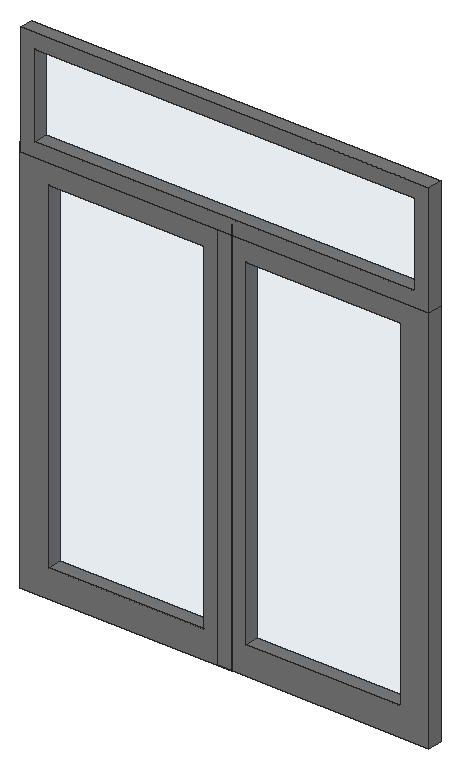
Revit family "interal_ST70_ID_IOD_DOOR_03", category Doors, host Wall, Revit 2020
Family settings
  Host = Wall
  OmniClass Number = 23.30.10.00
  OmniClass Title = Doors
  Always vertical = Yes
  Cut with Voids When Loaded = No
  Shared = No
  Room Calculation Point = No
Parameters
  Widht/2 [instance] = 1000 mm
  Widht/1 [instance] = 1000 mm
  Weight (kg) = 0
  Water Thightness (Shielded) = "9A"
  Water Thightness (Non Shielded) = "9A"
  U Value = 0.0000 W/(m²·K)
  Thermal Transmittance = "2.1"
  System Type = "Aluminium Doors"
  System = "ST70"  # constant formula
  Supplier = "Cuhadaroglu"  # constant formula
  Resistance repeated opening and closing = ""
  Outside Color Hex = ""
  Outside Color Description = ""
  Offer Price = 0
  Model = "ST70"  # constant formula
  Manufacturer = "interal"  # constant formula
  Inside Color Hex = ""
  Inside Color Description = ""
  Height2 [instance] = 503.022 mm
  Height/1 [instance] = 1955.008 mm
  Glass Price = 0
  Function = Interior
  Frame Projection Ext. = 25 mm
  Frame Projection Int. = 25 mm
  Frame Width = 75 mm
  Height = 2000 mm
  Wall Closure = By host
  Width = 1000 mm
  Drainage Type = ""
  Drainage Mullion Type = ""
  Dangerous Substances = ""
  Airborne Sound Insulation Ctr = ""
  Air Permability = "Class 4"
Reference planes
  plane 1: y = 0
  plane 2 "Center (Left/Right)": x = -495.692
  plane 3 "Exterior": y = 75
  plane 4 "Interior": y = -75
  plane 5: z = 41.97
  plane 6 "32": x = -995.692
  plane 7 "33": x = -858.233
  plane 8: z = 180.3
  plane 9: z = 2500
  plane 10: z = 2500
  plane 11 "34": x = 40.538
  plane 12 "38": x = -97.792
  plane 13 "39": x = 106.54
  plane 14 "40": x = -31.789
  plane 15 "41": x = 4.308
  plane 16 "42": x = 548.035
  plane 17: z = 950.309
  plane 18: z = 2428.998
  plane 19: z = 2023.14
  plane 20: z = 1996.978
  plane 21: z = 1952.138
  plane 22: z = 1858.649
  plane 23 "44": x = 865.978
  plane 24 "45": x = 1004.308
Forms (mm)
  Sweep 1, solid, material "Interal_AL"
    path origin (-3543.92, 75, 19.724) x (1, 0, 0) y (0, 0, 1)
      loop
        line (3561.864, 1954.66) -> (2569.952, 1954.66) -> (2569.952, 44.84) -> (3561.864, 44.84) -> (3561.864, 1954.66)
    profile origin (-478.012, 75, 1974.384) x (0, 0, -1) y (0, -1, 0)
      loop
        line (115.736, 53.023) -> (115.736, 121.923) -> (-22.594, 121.923) -> (-22.594, 53.023) -> (115.736, 53.023)
  Sweep 2, solid, material "Interal_AL"
    path origin (199.598, 75, 95.268) x (1, 0, 0) y (0, 0, 1)
      loop
        line (984.584, 2584.607) -> (-1375.165, 2584.607) -> (-1375.165, 1676.996) -> (984.584, 1676.996) -> (984.584, 2584.607)
    profile origin (4.308, 75, 2679.874) x (0, 0, -1) y (0, -1, 0)
      loop
        line (179.874, 53.023) -> (250.877, 53.023) -> (250.877, 121.923) -> (179.874, 121.923) -> (179.874, 53.023)
  Extrusion 3, solid, material "Interal_GL"
    sketch origin (0, 4, 0) x (1, 0, 0) y (0, 1, 0)
      loop
        line (-874.092, 10.977) -> (-874.092, -13.023) -> (-79.792, -13.023) -> (-79.792, 10.977) -> (-874.092, 10.977)
    from 165.17 to 1876.378
  Extrusion 4, solid, material "Interal_GL"
    sketch origin (96.069, 4, 0) x (-1, 0, 0) y (0, -1, 0)
      loop
        line (-830.365, -10.977) -> (7.661, -10.977) -> (7.661, 13.023) -> (-830.365, 13.023) -> (-830.365, -10.977)
    from 165.17 to 1876.378
  Extrusion 5, solid, material "Interal_GL"
    sketch origin (96.069, 0, 1023.1) x (-1, 0, 0) y (0, -1, 0)
      loop
        line (-888.239, -14.977) -> (1070.345, -14.977) -> (1070.345, 9.023) -> (-888.239, 9.023) -> (-888.239, -14.977)
    from 984.878 to 1423.9
  Sweep 6, solid, material "Interal_AL"
    path origin (3595.282, 75, 19.724) x (-1, 0, 0) y (0, 0, 1)
      loop
        line (3649.317, 1999.501) -> (2568.727, 1999.501) -> (2568.727, 0) -> (3649.317, 0) -> (3649.317, 1999.501)
    profile origin (486.259, 75, 2019.225) x (0, 0, 1) y (0, -1, 0)
      loop
        line (-160.576, 53.023) -> (-22.246, 53.023) -> (-22.246, 121.923) -> (-160.576, 121.923) -> (-160.576, 53.023)
Lines and regions (mm)
  Opening 1
    outline origin (-3052.204, -75, 0) x (1, 0, 0) y (0, 0, 1)
      loop
        line (2056.512, 0) -> (4056.512, 0) -> (4056.512, 2500) -> (2056.512, 2500) -> (2056.512, 0)
  symbolic lines, style "DoorsHiddenLines", not visible
    curve 1: line (40.03, -75, 1000) -> (787.906, -75, 1860.4)
    curve 2: line (40.03, -75, 1000) -> (787.906, -75, 139.6)
    curve 3: line (-148.219, -75, 1000) -> (-896.094, -75, 1860.4)
    curve 4: line (-148.219, -75, 1000) -> (-896.094, -75, 139.6)
  model lines, style "DoorsHiddenLines"
    curve 5: line (909.705, 75, 1903.489) -> (106.54, 75, 950.309)
    curve 6: line (106.54, 75, 950.309) -> (909.705, 75, 180.3)
    curve 7: line (-858.233, 75, 1903.489) -> (-97.792, 75, 950.309)
    curve 8: line (-97.792, 75, 950.309) -> (-858.233, 75, 180.3)
Text (mm)
  text "Exterior" at (-2295.016, 1099.543, 0), in view "Ref. Level"
  text "Exterior" at (0, 1615.38, 3698.081), in view "Left"
  text "Exterior" at (0, 1036.032, 3874.932), in view "Right"
Dimensions and locks
  plane 3 "Exterior" to host wall = 0 mm
  locked: plane 4 "Interior" to host wall
  locked: plane 5 to plane 8 at 138.33
  locked: plane 6 "32" to plane 7 "33" at 137.459
  "Widht/1": plane 6 "32" to plane 15 "41"
  equal spacing: plane 6 "32", plane 2 "Center (Left/Right)", plane 15 "41"
  plane 15 "41" to plane 16 "42" = 543.727 mm
  locked: plane 14 "40" to plane 15 "41" at 36.097
  locked: plane 15 "41" to plane 11 "34" at 36.23
  locked: plane 12 "38" to plane 15 "41" at 102.1
  locked: plane 15 "41" to plane 13 "39" at 102.232
  locked: plane 18 to plane 10 at 71.002
  locked: plane 6 "32" to Extrusion 3 at 121.6  (x2)
  locked: Extrusion 3 to plane 15 "41" at 84.1  (x2)
  plane 5 to Extrusion 3 = 123.2 mm
  locked: plane 15 "41" to Extrusion 4 at 84.1
  locked: plane 6 "32" to Extrusion 5 at 21.417
  locked: plane 20 to plane 19 at 26.162
  locked: plane 21 to plane 20 at 44.84
  locked: plane 22 to plane 20 at 138.33
  "Height2": plane 20 to plane 10
  "Height/1": plane 5 to plane 20
  locked: plane 10 to Extrusion 5 at 53
  locked: plane 20 to Extrusion 5 at 11
  locked: plane 5 to Extrusion 4 at 123.2
  locked: plane 20 to Extrusion 3 at 120.6
  "Widht/2": plane 15 "41" to plane 24 "45"
  aligned and locked: Opening 1 sketch curve to level
  aligned and locked: plane 1 to host wall
  aligned and locked: plane 6 "32" to Sweep 2
  aligned and locked: plane 5 to Sweep 1
  aligned and locked: plane 8 to Sweep 1  (x2)
  aligned and locked: Sweep 2 to plane 10
  aligned and locked: plane 6 "32" to host wall
  aligned and locked: Sweep 1 to curve 8
  aligned and locked: Sweep 1 to curve 7
  aligned and locked: plane 13 "39" to curve 6
  aligned and locked: plane 18 to Sweep 2
  aligned and locked: Sweep 1 to plane 5
  aligned and locked: plane 7 "33" to Sweep 1
  aligned and locked: plane 12 "38" to Sweep 1
  aligned and locked: Sweep 1 to plane 11 "34"
  aligned and locked: plane 5 to host wall
  aligned and locked: plane 9 to plane 10
  aligned and locked: nested 1 to plane 6 "32"
  aligned and locked: plane 5 to nested 2
  aligned and locked: plane 19 to Sweep 2  (x3)
  aligned and locked: Sweep 1 to plane 20
  aligned and locked: plane 22 to Sweep 6
  aligned and locked: plane 22 to Sweep 1
  aligned and locked: plane 21 to Sweep 2
  aligned and locked: Sweep 2 to plane 21
  aligned and locked: Sweep 6 to plane 20  (x2)
  aligned and locked: plane 8 to Sweep 6
  aligned and locked: plane 5 to Sweep 6  (x2)
  aligned and locked: Extrusion 3 to Extrusion 4
  aligned and locked: plane 23 "44" to Sweep 6
  aligned and locked: host wall to plane 24 "45"
  aligned and locked: plane 24 "45" to Sweep 6
  aligned and locked: Sweep 6 to plane 13 "39"
  aligned and locked: plane 14 "40" to Sweep 6
  aligned and locked: plane 13 "39" to Sweep 6
Automatic sketch dimensions
  plane 6 "32" to Opening 1 sketch curve = 0 mm
  Opening 1 sketch curve to plane 9 = 0 mm
  plane 12 "38" to curve 8 = 0 mm
  curve 6 to plane 8 = 0 mm
  curve 8 to plane 8 = 0 mm
  curve 6 to plane 17 = 0 mm
  curve 8 to plane 17 = 0 mm
  Sweep 1 sketch curve to plane 6 "32" = 21.724 mm
  Sweep 1 sketch curve to plane 15 "41" = 13.636 mm
  level to Sweep 1 sketch curve = 64.564 mm
  profile plane to Sweep 1 sketch curve = 22.594 mm
  Sweep 1 sketch curve to profile plane = 115.736 mm
  plane 3 "Exterior" to Sweep 1 sketch curve = 53.023 mm
  Sweep 1 sketch curve to Sweep 1 sketch curve = 68.9 mm
  plane 6 "32" to Sweep 2 sketch curve = 179.874 mm
  Sweep 2 sketch curve to plane 9 = 179.874 mm
  Sweep 2 sketch curve to profile plane = 179.874 mm
  Sweep 2 sketch curve to Sweep 2 sketch curve = 71.002 mm
  plane 3 "Exterior" to Sweep 2 sketch curve = 53.023 mm
  Sweep 2 sketch curve to Sweep 2 sketch curve = 68.9 mm
  plane 7 "33" to Extrusion 3 sketch curve = 15.859 mm
  Extrusion 3 sketch curve to plane 12 "38" = 18 mm
  host wall to Extrusion 3 sketch curve = 9.023 mm
  Extrusion 3 sketch curve to host wall = 14.977 mm
  Extrusion 4 sketch curve to plane 13 "39" = 18.132 mm
  Extrusion 4 sketch curve to host wall = 9.023 mm
  host wall to Extrusion 4 sketch curve = 14.977 mm
  Extrusion 5 sketch curve to host wall = 9.023 mm
  plane 6 "32" to Extrusion 5 sketch curve = 21.417 mm
  host wall to Extrusion 5 sketch curve = 14.977 mm
  Sweep 6 sketch curve to plane 15 "41" = 58.344 mm
  Sweep 6 sketch curve to level = 19.724 mm
  profile plane to Sweep 6 sketch curve = 160.576 mm
  profile plane to Sweep 6 sketch curve = 22.246 mm
  plane 3 "Exterior" to Sweep 6 sketch curve = 53.023 mm
  Sweep 6 sketch curve to Sweep 6 sketch curve = 68.9 mm
  plane 20 to curve 7 = 93.489 mm
  plane 20 to curve 5 = 93.489 mm
  plane 20 to Sweep 1 sketch curve = 22.594 mm
  plane 20 to Sweep 2 sketch curve = 224.715 mm
  plane 20 to Sweep 6 sketch curve = 22.246 mm
  curve 6 to plane 23 "44" = 43.727 mm
  curve 5 to plane 23 "44" = 43.727 mm
  plane 23 "44" to Extrusion 4 sketch curve = 60.456 mm
  plane 24 "45" to Opening 1 sketch curve = 0 mm
  Sweep 2 sketch curve to plane 24 "45" = 179.874 mm
  Extrusion 5 sketch curve to plane 24 "45" = 20 mm
  plane 24 "45" to Sweep 6 sketch curve = 22.246 mm
Nested families
  nested 1: "ID_IOD_Door_03_Plan_Dt" at (565.058, 3.077, 0), Widht1/dt <- "Widht/1", Widht2/dt <- "Widht/2", type "ID_IOD_Door_03_Plan_Dt"
    with Widht2/dt 1000 mm, Widht1/dt 1000 mm
  nested 2: "ID_IOD_Door_03_Section_Dt" at (-495.692, -4.023, 45.17) x (0, 1, 0) z (1, 0, 0), Height1/dt <- "Height/1", Height2/dt <- "Height2", type "ID_IOD_Door_03_Section_Dt"
    with Height2/dt 503.022 mm, Height1/dt 1955.008 mm
Definition of nested family "ID_IOD_Door_03_Plan_Dt"
  Parameters (values of type "ID_IOD_Door_03_Plan_Dt")
    Widht1/dt [instance] = 962 mm
    Widht2/dt [instance] = 1000 mm
  Reference planes
    plane 1 "Center (Front/Back)": y = 0
    plane 2: z = 0
    plane 3 "Center (F/C": x = -1560.75
    plane 4 "Center (F/D": x = 401.25
    plane 5 "Center (F/E": y = -10.2
    plane 6 "Center (F/F": x = -1406.15
    plane 7 "Center (F/I": x = 246.65
    plane 8: x = -1560.75
    plane 9: x = 401.25
    plane 10 "Center (F/N": x = -692.35
    plane 11 "Center (F/O": x = -505.15
    plane 12 "Center (F/P": x = -598.75
  Lines and regions (mm)
    detail lines, in view "Ref. Level"
      curve 1: line (-1406.15, 12, 0) -> (-692.35, 12, 0)
      curve 2: line (-1406.15, 6, 0) -> (-692.35, 6, 0)
      curve 3: line (-1406.15, -6, 0) -> (-692.35, -6, 0)
      curve 4: line (-1406.15, -12, 0) -> (-692.35, -12, 0)
      curve 5: line (-505.15, 12, 0) -> (246.65, 12, 0)
      curve 6: line (-505.15, 6, 0) -> (246.65, 6, 0)
      curve 7: line (-505.15, -6, 0) -> (246.65, -6, 0)
      curve 8: line (-505.15, -12, 0) -> (246.65, -12, 0)
  Dimensions and locks
    locked: plane 8 to plane 6 "Center (F/F" at 154.6
    locked: plane 7 "Center (F/I" to plane 9 at 154.6
    locked: plane 10 "Center (F/N" to plane 12 "Center (F/P" at 93.6
    locked: plane 12 "Center (F/P" to plane 11 "Center (F/O" at 93.6
    "Widht1/dt": plane 8 to plane 12 "Center (F/P"
    "Widht2/dt": plane 12 "Center (F/P" to plane 9
    aligned and locked: plane 8 to plane 3 "Center (F/C"
    aligned and locked: plane 9 to plane 4 "Center (F/D"
    aligned and locked: plane 8 to import instance
    aligned and locked: plane 6 "Center (F/F" to import instance
    aligned and locked: plane 10 "Center (F/N" to import instance
    aligned and locked: plane 11 "Center (F/O" to import instance
    aligned and locked: plane 7 "Center (F/I" to import instance
    aligned and locked: plane 9 to import instance
    aligned and locked: plane 11 "Center (F/O" to curve 5
    aligned and locked: plane 11 "Center (F/O" to curve 6
    aligned and locked: plane 11 "Center (F/O" to curve 7
    aligned and locked: plane 11 "Center (F/O" to curve 8
  Automatic sketch dimensions
    curve 4 to plane 6 "Center (F/F" = 0 mm
    curve 2 to plane 6 "Center (F/F" = 0 mm
    curve 3 to plane 6 "Center (F/F" = 0 mm
    curve 1 to plane 6 "Center (F/F" = 0 mm
    curve 3 to plane 10 "Center (F/N" = 0 mm
    curve 2 to plane 10 "Center (F/N" = 0 mm
    curve 4 to plane 10 "Center (F/N" = 0 mm
    curve 1 to plane 10 "Center (F/N" = 0 mm
    curve 7 to plane 7 "Center (F/I" = 0 mm
    curve 5 to plane 7 "Center (F/I" = 0 mm
    curve 8 to plane 7 "Center (F/I" = 0 mm
    curve 6 to plane 7 "Center (F/I" = 0 mm
    plane 5 "Center (F/E" to curve 8 = 1.8 mm
    plane 5 "Center (F/E" to curve 4 = 1.8 mm
    curve 3 to plane 5 "Center (F/E" = 4.2 mm
    curve 7 to plane 5 "Center (F/E" = 4.2 mm
    curve 2 to plane 1 "Center (Front/Back)" = 6 mm
    curve 6 to plane 1 "Center (Front/Back)" = 6 mm
    curve 2 to curve 1 = 6 mm
    curve 6 to curve 5 = 6 mm
Definition of nested family "ID_IOD_Door_03_Section_Dt"
  Parameters (values of type "ID_IOD_Door_03_Section_Dt")
    Height2/dt [instance] = 603.551 mm
    Height1/dt [instance] = 716.751 mm
  Reference planes
    plane 1 "Center (Front/Back)": y = -3.2
    plane 2: z = 0
    plane 3 "Center (Left/Right)": x = 0
    plane 4 "Center (F/C": y = 1317.102
    plane 5 "Center (F/D": y = 562.951
    plane 6 "Center (F/E": x = 69
    plane 7 "Center (F/F": y = 1234.102
    plane 8 "Center (F/G": y = 754.551
    plane 9 "Center (F/H": y = 150
    plane 10 "Center (F/L": y = 713.551
  Lines and regions (mm)
    detail lines, in view "Ref. Level"
      curve 1: line (-5, 1234.102, 0) -> (-5, 754.551, 0)
      curve 2: line (1, 1234.102, 0) -> (1, 754.551, 0)
      curve 3: line (13, 1234.102, 0) -> (13, 754.551, 0)
      curve 4: line (19, 1234.102, 0) -> (19, 754.551, 0)
      curve 5: line (-5, 562.951, 0) -> (-5, 150, 0)
      curve 6: line (1, 562.951, 0) -> (1, 150, 0)
      curve 7: line (13, 562.951, 0) -> (13, 150, 0)
      curve 8: line (19, 562.951, 0) -> (19, 150, 0)
  Dimensions and locks
    locked: plane 7 "Center (F/F" to plane 4 "Center (F/C" at 83
    plane 1 "Center (Front/Back)" to plane 9 "Center (F/H" = 153.2 mm
    "Height2/dt": plane 10 "Center (F/L" to plane 4 "Center (F/C"
    "Height1/dt": plane 1 "Center (Front/Back)" to plane 10 "Center (F/L"
    locked: plane 10 "Center (F/L" to plane 8 "Center (F/G" at 41
    locked: plane 5 "Center (F/D" to plane 10 "Center (F/L" at 150.6
    aligned and locked: plane 4 "Center (F/C" to import instance
    aligned and locked: plane 7 "Center (F/F" to import instance
    aligned and locked: plane 8 "Center (F/G" to import instance
    aligned and locked: plane 5 "Center (F/D" to import instance
    aligned and locked: plane 1 "Center (Front/Back)" to import instance
    aligned and locked: plane 9 "Center (F/H" to import instance
  Automatic sketch dimensions
    plane 7 "Center (F/F" to curve 1 = 0 mm
    plane 8 "Center (F/G" to curve 1 = 0 mm
    plane 9 "Center (F/H" to curve 5 = 0 mm
    plane 5 "Center (F/D" to curve 5 = 0 mm
    plane 9 "Center (F/H" to curve 6 = 0 mm
    plane 7 "Center (F/F" to curve 2 = 0 mm
    plane 8 "Center (F/G" to curve 2 = 0 mm
    plane 5 "Center (F/D" to curve 6 = 0 mm
    plane 5 "Center (F/D" to curve 7 = 0 mm
    plane 7 "Center (F/F" to curve 3 = 0 mm
    plane 9 "Center (F/H" to curve 7 = 0 mm
    plane 8 "Center (F/G" to curve 3 = 0 mm
    plane 7 "Center (F/F" to curve 4 = 0 mm
    plane 5 "Center (F/D" to curve 8 = 0 mm
    plane 9 "Center (F/H" to curve 8 = 0 mm
    plane 8 "Center (F/G" to curve 4 = 0 mm
    curve 1 to plane 3 "Center (Left/Right)" = 5 mm
    curve 5 to plane 3 "Center (Left/Right)" = 5 mm
    plane 3 "Center (Left/Right)" to curve 6 = 1 mm
    plane 3 "Center (Left/Right)" to curve 2 = 1 mm
    curve 6 to curve 7 = 12 mm
    curve 2 to curve 3 = 12 mm
    curve 3 to curve 4 = 6 mm
    curve 7 to curve 8 = 6 mm
